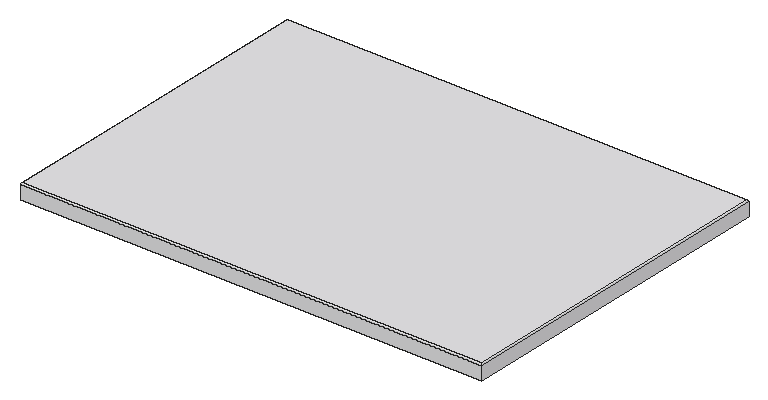
Revit family "Counter_Top-Vanity_Top-KOHLER-Solid_Expressions-K-5437", category Casework, host Face, Revit 2015
Parameters (values of type "S33-White Expressions")
  Width = 31"  # constant formula
  URL = "https://www.us.kohler.com/us/"
  Type = 1
  Product Page URL = "http://www.us.kohler.com/us/catalog/productDetails.jsp?productNumber=5437"
  Product Name = "Solid/Expressions"  # constant formula
  Product Documentation Link = "http://www.us.kohler.com/onlinecatalog/pdf/K-5437_spec.pdf"
  Model = if(Type = 1, "K-5437-S33", if(Type = 2, "K-5437-S34", if(Type = 3, "K-5437-S35", if(Type = 4, "K-5437-S36", "NA"))))  # "K-5437-S33"
  Material = "Solid Surface"  # constant formula
  MasterFormat 2004 = "08.71.73"  # constant formula
  MasterFormat 1995 = "08715"  # constant formula
  Manufacturer Address = "444 Highland Dr, Kohler, WI 53044"  # constant formula
  Manufacturer = "KOHLER Co."  # constant formula
  Product Finish = Kohler-Solid_Surface-S33-White_Expressions
  Height = 1"  # constant formula
  Hardware Included = 0 = 1  # no
  Finish = if(Type = 1, "Kohler-Solid_Surface-S33-White_Expressions", if(Type = 2, "Kohler-Solid_Surface-S34-Almond_Expressions", if(Type = 3, "Kohler-Solid_Surface-S35-Biscuit_Expressions", if(Type = 4, "Kohler-Solid_Surface-S36-Ice_Grey_Expressions", "NA"))))  # "Kohler-Solid_Surface-S33-White_Expressions"
  Environmental Product Declaration = ""
  Description = "31 inch vanity top without cutout"  # constant formula
  Depth = 22 13/16"  # constant formula
  Default Elevation = 0"
  Declare Label = ""
  Date Modified = "11/14/2018"  # constant formula
  Date Created = "11/14/2018"  # constant formula
  Copyright = "Copyright KOHLER Co."  # constant formula
  Contact Us = "https://www.us.kohler.com/us/static/contact.jsp"
  Construction Type = "ITB"  # constant formula
  Assembly Code = "E2010"
  ADA Compliant = 1 = 0  # no
Types (5): name | Type | Model | Product Finish | Finish
  (no name) | 1 | "K-5437-S33" | Kohler-Solid_Surface-S33-White_Expressions | "Kohler-Solid_Surface-S33-White_Expressions"
  S33-White Expressions | 1 | "K-5437-S33" | Kohler-Solid_Surface-S33-White_Expressions | "Kohler-Solid_Surface-S33-White_Expressions"
  S34-Almond Expressions | 2 | "K-5437-S34" | Kohler-Solid_Surface-S34-Almond_Expressions | "Kohler-Solid_Surface-S34-Almond_Expressions"
  S35-Biscuit Expressions | 3 | "K-5437-S35" | Kohler-Solid_Surface-S35-Biscuit_Expressions | "Kohler-Solid_Surface-S35-Biscuit_Expressions"
  S36-Ice Grey Expressions | 4 | "K-5437-S36" | Kohler-Solid_Surface-S36-Ice_Grey_Expressions | "Kohler-Solid_Surface-S36-Ice_Grey_Expressions"
Reference planes (in)
  plane 1 "Center (Front/Back)": y = 0
  plane 2: z = 0
  plane 3 "Center (Left/Right)": x = 0
  plane 4: y = -11.40625
  plane 5: x = -15.5
  plane 6: x = 15.5
  plane 7: y = 11.40625
  plane 8: z = 1
Dimensions and locks (in)
  "Depth": plane 4 to plane 7
  "Width": plane 5 to plane 6
  "Height": plane 8 to level
  aligned and locked: plane 2 to host face
  aligned and locked: level to host face
Automatic sketch dimensions
  host sketch curve to host sketch curve = 96"  (x2)
Nested families (in)
  nested 1: "K-5437" at (0, 0, 0), type "K-5437"
Definition of nested family "K-5437"
  Parameters (values of type "K-5437")
    Material = none
  Reference planes (in)
    plane 1 "Center (Front/Back)": y = 0
    plane 2: z = 0
    plane 3 "Center (Left/Right)": x = 0
    plane 4: y = 11.40625
    plane 5: y = -11.40625
    plane 6: x = -15.5
    plane 7: x = 15.5
    plane 8: z = 1
    plane 9: z = 0.5
  Forms (in)
    Extrusion 1, solid, material <- "Material", detail levels medium+fine
      sketch origin (0, 0, 0) x (1, 0, 0) y (0, 0, 1)
        loop
          line (-15.16378, 0) -> (-14.90158, 0)
          arc (-14.90158, 0) -> (-14.8823, 0.00769) -> (-14.87361, 0.02655) r 0.02801
          line (-14.87361, 0.02655) -> (-14.85019, 0.47344)
          arc (-14.85019, 0.47344) -> (-14.84149, 0.4923) -> (-14.8222, 0.5) r 0.02802
          line (-14.8222, 0.5) -> (14.82154, 0.5)
          arc (14.82154, 0.5) -> (14.84131, 0.49211) -> (14.85022, 0.47279) r 0.02872
          line (14.85022, 0.47279) -> (14.87353, 0.0281)
          arc (14.87353, 0.0281) -> (14.88273, 0.00814) -> (14.90314, 0) r 0.02965
          line (14.90314, 0) -> (15.16378, 0)
          arc (15.16378, 0) -> (15.18076, 0.00633) -> (15.18945, 0.02223) r 0.02594
          arc (15.18945, 0.02223) -> (15.21779, 0.0481) -> (15.24867, 0.02534) r 0.03023
          line (15.24867, 0.02534) -> (15.21211, 0.72298)
          arc (15.21211, 0.72298) -> (15.20326, 0.74217) -> (15.18364, 0.75) r 0.02851
          line (15.18364, 0.75) -> (-15.18466, 0.75)
          arc (-15.18466, 0.75) -> (-15.20355, 0.74247) -> (-15.21206, 0.72401) r 0.02743
          line (-15.21206, 0.72401) -> (-15.24867, 0.02534)
          arc (-15.24867, 0.02534) -> (-15.21779, 0.0481) -> (-15.18945, 0.02223) r 0.03023
          arc (-15.18945, 0.02223) -> (-15.18076, 0.00633) -> (-15.16378, 0) r 0.02594
      from -10.924 to 10.86453
    Extrusion 2, solid, material <- "Material", detail levels medium+fine
      sketch origin (0, 0, 0) x (1, 0, 0) y (0, 1, 0)
        loop
          line (15.15864, 10.894) -> (14.31052, 10.894)
          arc (14.31052, 10.894) -> (14.288, 10.88478) -> (14.27847, 10.86239) r 0.03202
          line (14.27847, 10.86239) -> (14.27847, 9.98443)
          arc (14.27847, 9.98443) -> (14.28782, 9.96182) -> (14.31043, 9.95247) r 0.03194
          line (14.31043, 9.95247) -> (14.81172, 9.95247)
          arc (14.81172, 9.95247) -> (14.87703, 9.92603) -> (14.90347, 9.86072) r 0.0903
          line (14.90347, 9.86072) -> (14.90347, 1.04728)
          arc (14.90347, 1.04728) -> (14.87703, 0.98197) -> (14.81172, 0.95553) r 0.0903
          line (14.81172, 0.95553) -> (14.31043, 0.95553)
          arc (14.31043, 0.95553) -> (14.28782, 0.94618) -> (14.27847, 0.92357) r 0.03194
          line (14.27847, 0.92357) -> (14.27847, 0.04443)
          arc (14.27847, 0.04443) -> (14.28782, 0.02182) -> (14.31043, 0.01247) r 0.03194
          line (14.31043, 0.01247) -> (14.81172, 0.01247)
          arc (14.81172, 0.01247) -> (14.87703, -0.01397) -> (14.90347, -0.07928) r 0.0903
          line (14.90347, -0.07928) -> (14.90347, -8.89172)
          arc (14.90347, -8.89172) -> (14.87674, -8.95774) -> (14.81072, -8.98447) r 0.0913
          line (14.81072, -8.98447) -> (13.93543, -8.98447)
          arc (13.93543, -8.98447) -> (13.91282, -8.99382) -> (13.90347, -9.01643) r 0.03194
          line (13.90347, -9.01643) -> (13.90347, -9.76272)
          arc (13.90347, -9.76272) -> (13.87703, -9.82803) -> (13.81172, -9.85447) r 0.0903
          line (13.81172, -9.85447) -> (0.56329, -9.85447)
          arc (0.56329, -9.85447) -> (0.49797, -9.82803) -> (0.47153, -9.76271) r 0.0903
          line (0.47153, -9.76271) -> (0.47153, -9.13643)
          arc (0.47153, -9.13643) -> (0.46218, -9.11382) -> (0.43957, -9.10447) r 0.03194
          line (0.43957, -9.10447) -> (-0.43957, -9.10447)
          arc (-0.43957, -9.10447) -> (-0.46218, -9.11382) -> (-0.47153, -9.13643) r 0.03194
          line (-0.47153, -9.13643) -> (-0.47153, -9.76272)
          arc (-0.47153, -9.76272) -> (-0.49797, -9.82803) -> (-0.56328, -9.85447) r 0.0903
          line (-0.56328, -9.85447) -> (-13.81172, -9.85447)
          arc (-13.81172, -9.85447) -> (-13.87703, -9.82803) -> (-13.90347, -9.76272) r 0.0903
          line (-13.90347, -9.76272) -> (-13.90347, -9.01643)
          arc (-13.90347, -9.01643) -> (-13.91282, -8.99382) -> (-13.93543, -8.98447) r 0.03194
          line (-13.93543, -8.98447) -> (-14.81172, -8.98447)
          arc (-14.81172, -8.98447) -> (-14.87703, -8.95803) -> (-14.90347, -8.89272) r 0.0903
          line (-14.90347, -8.89272) -> (-14.90347, -0.07928)
          arc (-14.90347, -0.07928) -> (-14.87703, -0.01397) -> (-14.81172, 0.01247) r 0.0903
          line (-14.81172, 0.01247) -> (-14.31043, 0.01247)
          arc (-14.31043, 0.01247) -> (-14.28782, 0.02182) -> (-14.27847, 0.04443) r 0.03194
          line (-14.27847, 0.04443) -> (-14.27847, 0.92357)
          arc (-14.27847, 0.92357) -> (-14.28782, 0.94618) -> (-14.31043, 0.95553) r 0.03194
          line (-14.31043, 0.95553) -> (-14.81172, 0.95553)
          arc (-14.81172, 0.95553) -> (-14.87703, 0.98197) -> (-14.90347, 1.04728) r 0.0903
          line (-14.90347, 1.04728) -> (-14.90347, 9.86072)
          arc (-14.90347, 9.86072) -> (-14.87703, 9.92603) -> (-14.81172, 9.95247) r 0.0903
          line (-14.81172, 9.95247) -> (-14.31043, 9.95247)
          arc (-14.31043, 9.95247) -> (-14.28782, 9.96182) -> (-14.27847, 9.98443) r 0.03194
          line (-14.27847, 9.98443) -> (-14.27847, 10.86239)
          arc (-14.27847, 10.86239) -> (-14.288, 10.88478) -> (-14.31052, 10.894) r 0.03202
          line (-14.31052, 10.894) -> (-15.16378, 10.894) -> (-15.16377, -10.83232)
          arc (-15.16377, -10.83232) -> (-15.15873, -10.85098) -> (-15.14496, -10.86453) r 0.03693
          line (-15.14496, -10.86453) -> (15.12707, -10.86453)
          arc (15.12707, -10.86453) -> (15.14968, -10.85518) -> (15.15903, -10.83257) r 0.03194
          line (15.15903, -10.83257) -> (15.15864, 10.894)
        loop
          arc (0.47153, 11.11239) -> (0.462, 11.13478) -> (0.43948, 11.144) r 0.03202
          line (0.43948, 11.144) -> (-0.43948, 11.144)
          arc (-0.43948, 11.144) -> (-0.462, 11.13478) -> (-0.47153, 11.11239) r 0.03202
          line (-0.47153, 11.11239) -> (-0.47153, 10.11443)
          arc (-0.47153, 10.11443) -> (-0.46218, 10.09182) -> (-0.43957, 10.08247) r 0.03194
          line (-0.43957, 10.08247) -> (0.43957, 10.08247)
          arc (0.43957, 10.08247) -> (0.46218, 10.09182) -> (0.47153, 10.11443) r 0.03194
          line (0.47153, 10.11443) -> (0.47153, 11.11239)
      from 0 to 0.5
    Sweep 3, solid, material <- "Material", detail levels medium+fine
      path origin (0, 0, 0) x (1, 0, 0) y (0, 1, 0)
        loop
          line (-15.5, 11.174) -> (-15.5, -11.206) -> (15.5, -11.206) -> (15.5, 11.174)
      profile origin (-15.5, 11.174, 0) x (-1, 0, 0) y (0, 0, 1)
        loop
          line (-0.09232, 1) -> (-0.33899, 1) -> (-0.33899, 0) -> (0, 0) -> (0, 0.90768)
          arc (0, 0.90768) -> (-0.02704, 0.97296) -> (-0.09232, 1) r 0.09232
    Extrusion 4, solid, material <- "Material", detail levels medium+fine
      sketch origin (0, 0, 0) x (1, 0, 0) y (0, 1, 0)
        loop
          line (-15.16101, -10.86701) -> (15.16101, -10.86701) -> (15.16101, 11.174) -> (-15.16101, 11.174) -> (-15.16101, -10.86701)
      from 0.75 to 1
    Extrusion 5, solid, material <- "Material", detail levels coarse
      sketch origin (0, 0, 0) x (1, 0, 0) y (0, 1, 0)
        loop
          line (15.5, 11.174) -> (-15.5, 11.174) -> (-15.5, -11.206) -> (15.5, -11.206) -> (15.5, 11.174)
      from 0 to 1
  Cuts and joins
    joined: Extrusion 1, Extrusion 2, Sweep 3, Extrusion 4
  Lines and regions (in)
    Masking region 1
      outline origin (0, 0, 0) x (1, 0, 0) y (0, 1, 0)
        loop
          line (-15.5, 11.34375) -> (-15.5, -11.34375)
          arc (-15.5, -11.34375) -> (-15.48169, -11.38794) -> (-15.4375, -11.40625) r 0.0625
          line (-15.4375, -11.40625) -> (15.4375, -11.40625)
          arc (15.4375, -11.40625) -> (15.48169, -11.38794) -> (15.5, -11.34375) r 0.0625
          line (15.5, -11.34375) -> (15.5, 11.34375)
          arc (15.5, 11.34375) -> (15.48169, 11.38794) -> (15.4375, 11.40625) r 0.0625
          line (15.4375, 11.40625) -> (-15.4375, 11.40625)
          arc (-15.4375, 11.40625) -> (-15.48169, 11.38794) -> (-15.5, 11.34375) r 0.0625
    Masking region 2
      outline origin (0, 0, 0) x (0, 1, 0) y (0, 0, 1)
        loop
          line (11.40625, 0.03227) -> (11.40625, 0.96875)
          arc (11.40625, 0.96875) -> (11.3971, 0.99085) -> (11.375, 1) r 0.03125
          line (11.375, 1) -> (-11.375, 1)
          arc (-11.375, 1) -> (-11.3971, 0.99085) -> (-11.40625, 0.96875) r 0.03125
          line (-11.40625, 0.96875) -> (-11.40625, 0.03125)
          arc (-11.40625, 0.03125) -> (-11.3971, 0.00915) -> (-11.375, 0) r 0.03125
          line (-11.375, 0) -> (11.37398, 0)
          arc (11.37398, 0) -> (11.3968, 0.00945) -> (11.40625, 0.03227) r 0.03227
    Masking region 3
      outline origin (0, 0, 0) x (1, 0, 0) y (0, 0, 1)
        loop
          line (15.40615, 1) -> (-15.40805, 1)
          arc (-15.40805, 1) -> (-15.47307, 0.97307) -> (-15.5, 0.90805) r 0.09195
          line (-15.5, 0.90805) -> (-15.5, 0.02939)
          arc (-15.5, 0.02939) -> (-15.49139, 0.00861) -> (-15.47061, 0) r 0.02939
          line (-15.47061, 0) -> (15.46719, 0)
          arc (15.46719, 0) -> (15.49039, 0.00961) -> (15.5, 0.03281) r 0.03281
          line (15.5, 0.03281) -> (15.5, 0.90615)
          arc (15.5, 0.90615) -> (15.47251, 0.97251) -> (15.40615, 1) r 0.09385
  Dimensions and locks (in)
    plane 4 to plane 5 = 22 13/16"
    plane 6 to plane 7 = 31"
    aligned and locked: plane 2 to level
